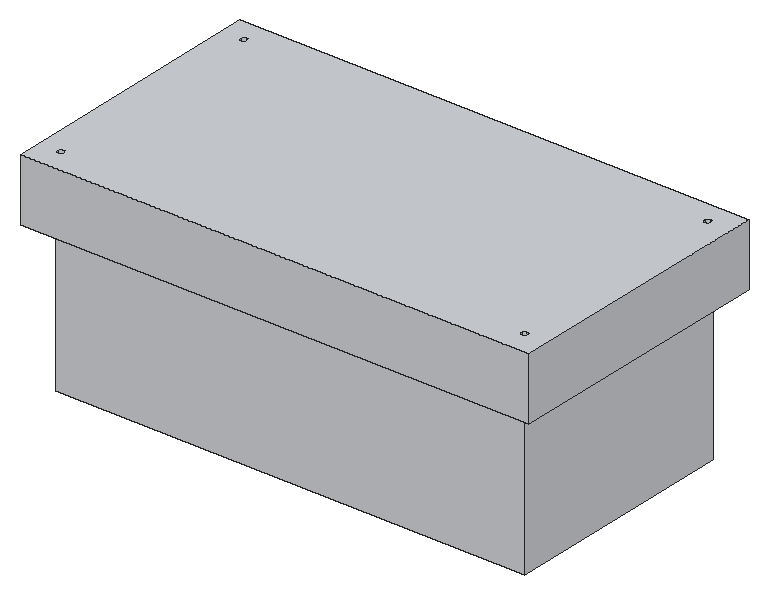
Revit family "Building-ContenitoriIncasso-GEWISS-48CM-CASSETTE-DERIVAZIONE_INCASSO_GRANDE_CAPACITA_COPERCHIO_ALTO", category Apparecchi elettrici, host Superficie, Revit 2016
Family settings
  Host = Superficie
  Mantenere orientamento annotazione = Sì
  Tipo di parte = Normale
  Quota connettore circolare = Usa diametro
  Numero OmniClass = 23.80.30.00
  Titolo OmniClass = Distribution Devices
  Taglio con vuoti quando caricato = No
  Condiviso = No
  Punto di calcolo locali = Sì
Parameters (values of type "GW48231 - CASSETTA MONTANTI 520X260X121 COP.ALTO")
  simbolo acceso [instance] = yes
  dIST_SIMB_BERTICALE [instance] = 235.329 mm
  dIST_MURO [instance] = 4.208 mm
  cassetta = none
  Versione file RFA = "18.0"
  URL = "https://www.gewiss.com/it/it"
  Tipo Materiale = "Halogen free secondo norma EN 60754-2"
  Termopressione con biglia = "70 °C"
  Temperatura di impiego = "-15 +60 °C"
  Scheda Tecnica = "https://www.gewiss.com/it/it/search?q=GW48231"
  SEO = "Cassetta"
  Resistenza agli urti = "IK07"
  Default Elevation = 1219.2 mm
  Produttore = "GEWISS S.p.A."
  Predisposizione scomparti = "5"
  Potenza max dissipabile (W) = "30"
  Potenza in wtt = 0 V
  Potenza dissipabile (W) = "30"
  Per Pareti = "Muratura"
  Numero di poli = 1
  Modello = "GW48231"
  Lunghezza cassetta interna = 520 mm
  Larghezza cassetta interna = 260 mm
  Installazione = "Incasso"
  Immagine tipo = GW48231.jpg
  IFC.TypeObject = ""
  IFC.ExportType = ""
  IFC.ExportAs = ""
  IDT = "885dd1c5-7278-46c8-8c62-00a91bbd3998"
  IDF = "8e937d08-6f7d-417d-9762-0c7588212af6"
  Grado di protezione = "IP40"
  Glow Wire Test = "650°C"
  Dim. esterne BxHxP (mm) = "520x260x121"
  Descrizione = "CASSETTA MONTANTI 520X260X121 COP.ALTO"
  Creato da GEWISS S.p.A. = ""
  Colore coperchio = "Bianco RAL 9016"
  Codice Electrocod = "0220"
  Codice EAN = "8011564027312"
  Catalogo Serie = "48 CM"
  Catalogo = "BUILDING"
  Carico = Altro
  COBie.Tagnumber = ""
  COBie.CreatedOn = ""
  COBie.CreatebBy = ""
  COBie.ComponentRegisterItemID = ""
  COBie.Component.TagNumber = ""
  COBie.Component.Space = ""
  COBie.Component.SerialNumber = ""
  COBie.Component.InstallationDate = ""
  COBie.Component.Description = ""
  COBie.Component.BarCode = ""
  Bordo acceso [instance] = yes
Types (3, lengths in mm): name | URL | Scheda Tecnica | Produttore | Predisposizione scomparti | Potenza max dissipabile (W) | Potenza dissipabile (W) | Modello | Lunghezza cassetta interna | Immagine tipo | IDT | Dim. esterne BxHxP (mm) | Descrizione | Codice EAN
  (no name) | 0 | "" | 0 | "" | "" | "" | 0 | 520 | GW48231.jpg | "" | "" | 0 | ""
  GW48231 - CASSETTA MONTANTI 520X260X121 COP.ALTO | "https://www.gewiss.com/it/it" | "https://www.gewiss.com/it/it/search?q=GW48231" | "GEWISS S.p.A." | "5" | "30" | "30" | "GW48231" | 520 | GW48231.jpg | "885dd1c5-7278-46c8-8c62-00a91bbd3998" | "520x260x121" | "CASSETTA MONTANTI 520X260X121 COP.ALTO" | "8011564027312"
  GW48227 - CASSETTA MONTANTI 260X260X121 COP.ALTO | "https://www.gewiss.com/it/it" | "https://www.gewiss.com/it/it/search?q=GW48227" | "GEWISS S.p.A." | "2" | "13" | "13" | "GW48227" | 260 | GW48227.jpg | "518a4f49-1015-4d8b-a6e0-b0bcf5db30b3" | "260x260x121" | "CASSETTA MONTANTI 260X260X121 COP.ALTO" | "8011564027305"
Values of the unnamed type that differ from the named types
  Versione file RFA = ""
  Tipo Materiale = ""
  Termopressione con biglia = ""
  Temperatura di impiego = ""
  SEO = ""
  Resistenza agli urti = ""
  Per Pareti = ""
  Installazione = ""
  IDF = ""
  Grado di protezione = ""
  Glow Wire Test = ""
  Colore coperchio = ""
  Codice Electrocod = ""
  Catalogo Serie = ""
  Catalogo = ""
Reference planes
  plane 1 "Centro (Fronte/Retro)": y = 0
  plane 2: z = 0
  plane 3 "Centro (Sinistra/Destra)": x = 0
  plane 4: x = -282
  plane 5: x = 282
  plane 6: y = -152
  plane 7: y = 152
  plane 8: x = -260
  plane 9: y = 130
  plane 10: x = 260
  plane 11: y = -130
  plane 12: z = 70
  plane 13: z = -166.802
  plane 14: x = -257
  plane 15: y = 127
  plane 16: y = -127
  plane 17: x = 257
  plane 18: x = -235.329
  plane 19: y = 125.571
Forms (mm)
  Extrusion 1, solid, material <- "cassetta"
    sketch origin (0, 0, 0) x (1, 0, 0) y (0, 1, 0)
      loop
        line (-282, 152) -> (-282, -152) -> (282, -152) -> (282, 152) -> (-282, 152)
    from 0 to 70
  Extrusion 2, void
    sketch origin (0, 0, 0) x (1, 0, 0) y (0, 1, 0)
      loop
        line (-260, 130) -> (-260, -130) -> (260, -130) -> (260, 130) -> (-260, 130)
    from -166.802 to 0
  Extrusion 3, solid
    sketch origin (0, 0, 0) x (1, 0, 0) y (0, 1, 0)
      loop
        line (-260, 130) -> (-260, -130) -> (260, -130) -> (260, 130) -> (-260, 130)
      loop
        line (-257, 127) -> (-257, -127) -> (257, -127) -> (257, 127) -> (-257, 127)
    from -166.802 to 0
  Extrusion 4, void
    sketch origin (0, 0, 0) x (1, 0, 0) y (0, 1, 0)
      loop
        circle (-257, 127) r 3.382
      loop
        circle (257, 127) r 3.382
      loop
        circle (-257, -127) r 3.382
      loop
        circle (257, -127) r 3.382
    from 0 to 70
Cuts and joins
  Extrusion 2, Extrusion 4 cuts Extrusion 1
  Extrusion 4 cuts Extrusion 3
Dimensions and locks
  locked: plane 4 to plane 8 at 22
  locked: plane 10 to plane 5 at 22
  locked: plane 11 to plane 6 at 22
  locked: plane 7 to plane 9 at 22
  locked: plane 12 to host face at 70
  host face to plane 13 = 166.802 mm
  equal spacing: plane 8, plane 3 "Centro (Sinistra/Destra)", plane 10
  "Lunghezza cassetta interna": plane 8 to plane 10
  equal spacing: plane 9, plane 1 "Centro (Fronte/Retro)", plane 11
  "Larghezza cassetta interna": plane 9 to plane 11
  locked: plane 15 to plane 9 at 3
  locked: plane 11 to plane 16 at 3
  locked: plane 17 to plane 10 at 3
  locked: plane 8 to plane 14 at 3
  "dIST_SIMB_BERTICALE": plane 18 to plane 3 "Centro (Sinistra/Destra)"
  aligned and locked: plane 2 to host face
  aligned and locked: level to host face
  aligned and locked: Extrusion 1 sketch curve to plane 7
  aligned and locked: plane 4 to Extrusion 1 sketch curve
  aligned and locked: plane 6 to Extrusion 1 sketch curve
  aligned and locked: Extrusion 1 sketch curve to plane 5
  aligned and locked: plane 12 to Extrusion 1
  aligned and locked: Extrusion 1 to level
  aligned and locked: Extrusion 2 sketch curve to plane 9
  aligned and locked: plane 8 to Extrusion 2 sketch curve
  aligned and locked: plane 11 to Extrusion 2 sketch curve
  aligned and locked: Extrusion 2 sketch curve to plane 10
  aligned and locked: level to Extrusion 2
  aligned and locked: Extrusion 2 to plane 13
  aligned and locked: Extrusion 3 sketch curve to plane 9
  aligned and locked: plane 8 to Extrusion 3 sketch curve
  aligned and locked: plane 11 to Extrusion 3 sketch curve
  aligned and locked: Extrusion 3 sketch curve to plane 10
  aligned and locked: Extrusion 3 sketch curve to plane 14
  aligned and locked: Extrusion 3 sketch curve to plane 15
  aligned and locked: Extrusion 3 sketch curve to plane 17
  aligned and locked: Extrusion 3 sketch curve to plane 16
  aligned and locked: Extrusion 3 to plane 13
  aligned and locked: level to Extrusion 3
  aligned and locked: Extrusion 4 sketch curve to plane 15
  aligned and locked: plane 14 to Extrusion 4 sketch curve  (x2)
  aligned and locked: plane 17 to Extrusion 4 sketch curve  (x2)
  aligned and locked: plane 15 to Extrusion 4 sketch curve
  aligned and locked: Extrusion 4 sketch curve to plane 16
  aligned and locked: plane 16 to Extrusion 4 sketch curve
  aligned and locked: Extrusion 1 to Extrusion 4
  aligned and locked: Extrusion 4 to level
  aligned and locked: nested 1 to plane 19
  aligned and locked: plane 18 to nested 1
Automatic sketch dimensions
  host sketch curve to host sketch curve = 2438.4 mm  (x2)
  radius of Extrusion 4 sketch curve = 3.382 mm  (x4)
Nested families
  nested 1: "CASSDERIVAZPAR" at (-235.329, 125.571, 0), Distanza dal muro <- "dIST_MURO", BORDO ACCESO <- "Bordo acceso", SIMBOLO ACCESO <- "simbolo acceso", type "CASSETTA"
    with SIMBOLO ACCESO yes, Distanza dal muro 4.208 mm, BORDO ACCESO yes
Connectors
  electrical at (282, 0, 35), driven by "Numero di poli", driven by "Carico", driven by "Potenza in wtt"
    settings: on cut or joined group of Extrusion 1, Extrusion 2, Extrusion 4, index 1, voltage 0 V, apparent load 0 VA, apparent load phase1 0 VA, apparent load phase2 0 VA, apparent load phase3 0 VA, power factor 1, load classification "Altro", number of poles 1, system type 30, power factor state 1, is connector primary yes, connector utility no, sub classification motor no, connector description ""
Definition of nested family "CASSDERIVAZPAR"
  Parameters (values of type "CASSETTA")
    SIMBOLO ACCESO [instance] = yes
    Distanza dal muro [instance] = 4.208 mm
    BORDO ACCESO [instance] = yes
  Reference planes
    plane 1: y = 0
    plane 2: x = 0
  Dimensions and locks
    "Distanza dal muro": plane 1 to nested 1
    aligned and locked: plane 2 to nested 1
  Nested families
    nested 1: "CASSDERIVAZPAR_BASE" at (0, 4.208, 0), BORDO ACCESO <- "BORDO ACCESO", SIMBOLO ACCESO <- "SIMBOLO ACCESO", type "CASSETTA"
      with BORDO ACCESO yes
  Definition of nested family "CASSDERIVAZPAR_BASE"
    Parameters (values of type "CASSETTA")
      SIMBOLO ACCESO [instance] = yes
      Distanza dal muro = 4.208 mm
      BORDO ACCESO [instance] = yes
    Reference planes
      plane 1: y = 0
      plane 2: x = 0
    Lines and regions (mm)
      detail lines, visible <- "BORDO ACCESO"
        curve 1: line (-1, 2.5, 0) -> (1, 2.5, 0)
        curve 2: line (1, 2.5, 0) -> (1, 0, 0)
        curve 3: line (1, 0, 0) -> (-1, 0, 0)
        curve 4: line (-1, 0, 0) -> (-1, 2.5, 0)
        curve 5: line (-0.9, 2.4, 0) -> (0.9, 2.4, 0)
        curve 6: line (0.9, 2.4, 0) -> (0.9, 0.1, 0)
        curve 7: line (0.9, 0.1, 0) -> (-0.9, 0.1, 0)
        curve 8: line (-0.9, 0.1, 0) -> (-0.9, 2.4, 0)
      detail lines, visible <- "BORDO ACCESO", not visible
        curve 9: line (-2.443, 10.208, 0) -> (2.057, 10.208, 0)
        curve 10: line (2.057, 10.208, 0) -> (2.057, 4.208, 0)
        curve 11: line (2.057, 4.208, 0) -> (-2.443, 4.208, 0)
        curve 12: line (-2.443, 4.208, 0) -> (-2.443, 10.208, 0)
        curve 13: line (-2.043, 9.808, 0) -> (1.657, 9.808, 0)
        curve 14: line (1.657, 9.808, 0) -> (1.657, 4.608, 0)
        curve 15: line (1.657, 4.608, 0) -> (-2.043, 4.608, 0)
        curve 16: line (-2.043, 4.608, 0) -> (-2.043, 9.808, 0)
      detail lines, visible <- "SIMBOLO ACCESO"
        curve 17: line (-0.7, 1.95, 0) -> (0.7, 1.95, 0)
        curve 18: line (-0.7, 0.55, 0) -> (-0.7, 1.95, 0)
        curve 19: line (0.7, 0.55, 0) -> (-0.7, 0.55, 0)
        curve 20: line (0.7, 1.95, 0) -> (0.7, 0.55, 0)
        curve 21: circle (0, 1.25, 0) r 0.1 normal (0, 0, 1)
    Dimensions and locks
      aligned and locked: curve 3 to plane 1
